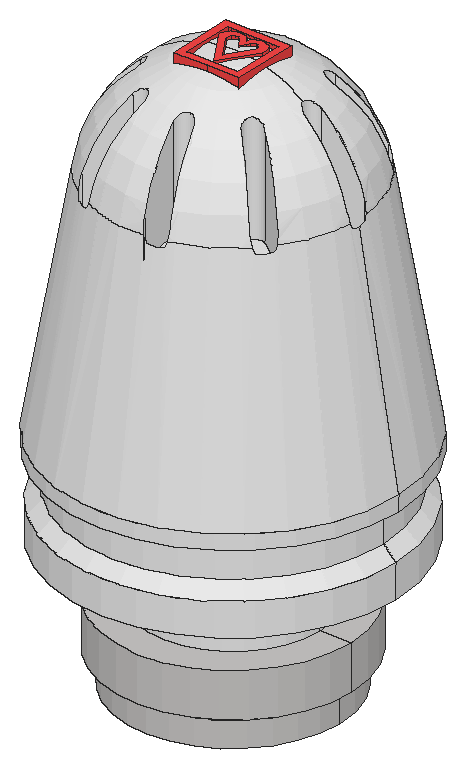
Revit family "HERZ-Thermostatkopf MINI GS M28x1.5 9200 06", category Rohrzubehör, Revit 2021
Family settings
  Bemaßung runder Anschluss = Durchmesser verwenden
  Teiletyp = Normal
  OmniClass-Nummer = 23.65.55.14
  OmniClass-Titel = Valves for Liquid Services
  Arbeitsebenenbasiert = Nein
  Immer vertikal = Nein
  Beim Laden mit Abzugskörper schneiden = Nein
  Gemeinsam genutzt = Nein
Parameters
  Vorgabe-Ansicht = 0 mm
  URL = "www.herz-armaturen.at"
  Thermostatkopf = "Kunststoff, weiß"  # constant formula
  Sollwertbereich = "6-28°C"  # constant formula
  S02 = 60 mm  # constant formula
  S01 = 73 mm  # constant formula
  Nullstellung = "Heizkörperthermostat mit Flüssigkeitsfühler (Hydrosensor) mit Stellung „0“, Frostsicherung einstellbar, mit Begrenzung und Blockierung des Sollwertbereiches."
  Hersteller = "HERZ Armaturen Ges.m.b.H."  # constant formula
  Funktionsweise = "Der HERZ-Thermostat dient als Fühl- und Regelelement. Durch die Volumsänderung der Flüssigkeitsfüllung im HERZ-Hydrosensor wird die Schubspindel des Ventils bewegt."
  Frostsicherung bei = 6 °C  # constant formula
  Sollwertbereich Frostsicherung = "6-28°C"  # constant formula
  Frostsicherung = "Heizkörperthermostat  mit  Flüssigkeitsfühler  (Hydrosensor)  mit  automatischer  Frostsicherung  und  Be-grenzung und Blockierung des Sollwertbereiches."
  Bestellnummer = 1920006  # constant formula
  Anwendungen = "Zur Montage auf Ventilen, die für thermostatischen Betrieb eingerichtet sind.Artikelnummern, Dimensionen und Lieferform der HERZ Ventile sind den jeweiligen Produktnormblättern zu entnehmen."
Reference planes
  plane 1 "Mitte (Vorne/hinten)": y = 0
  plane 2: z = 0
  plane 3 "Mitte (Links/rechts)": x = 0
Forms (mm)
  Revolve 1, solid, material "Kunststoff weiß", detail levels fine
    sketch origin (0, 0, 0) x (1, 0, 0) y (0, 0, 1)
      loop
        line (0, 0) -> (0, 73)
        arc (0, 73) -> (-11.397, 68.78) -> (-17.297, 58.156) r 17.5
        arc (-17.297, 58.156) -> (-20.011, 42.065) -> (-22.88, 26) r 1681.293
        line (-22.88, 26) -> (-22.88, 24) -> (-20.75, 24) -> (-20.75, 19.25) -> (-22.5, 17.5) -> (-22.5, 13) -> (-12.8, 13)
        arc (-12.8, 13) -> (-12.234, 12.766) -> (-12, 12.2) r 0.8
        line (-12, 12.2) -> (-12, 4.8) -> (-13.2, 4.8) -> (-13.2, 0) -> (0, 0)
      axis (0, 73) -> (0, 0)
    angle from 0 to 360
  Revolve 2, solid, material "Messing verzinkt", detail levels fine
    sketch origin (0, 0, 0) x (1, 0, 0) y (0, 0, 1)
      loop
        line (0, 0) -> (0, 5.5) -> (-16.35, 5.5) -> (-16.35, -0.576) -> (-14.75, -1.5) -> (-14.75, -5) -> (-13.35, -5) -> (-13.35, 0) -> (0, 0)
      axis (0, 5.5) -> (0, -5)
    angle from 0 to 360
  Extrusion 3, void
    sketch origin (0, 0, 0) x (1, 0, 0) y (0, 1, 0)
      loop
        arc (11.027, 1.298) -> (9.8, 0) -> (11.027, -1.298) r 1.3
        line (11.027, -1.298) -> (16.77, -1.62)
        arc (16.77, -1.62) -> (17.178, -1.485) -> (17.384, -1.107) r 0.586
        arc (17.384, -1.107) -> (17.453, 0.011) -> (17.382, 1.129) r 9
        arc (17.382, 1.129) -> (17.183, 1.492) -> (16.79, 1.621) r 0.564
        line (16.79, 1.621) -> (11.027, 1.298)
      loop
        line (9.282, 6.094) -> (13.904, 9.55)
        arc (13.904, 9.55) -> (14.121, 9.902) -> (14.04, 10.308) r 0.564
        arc (14.04, 10.308) -> (13.376, 11.21) -> (12.605, 12.023) r 9
        arc (12.605, 12.023) -> (12.205, 12.18) -> (11.805, 12.021) r 0.586
        line (11.805, 12.021) -> (7.613, 8.082)
        arc (7.613, 8.082) -> (7.507, 6.299) -> (9.282, 6.094) r 1.3
      loop
        arc (0.637, 11.085) -> (1.702, 9.651) -> (3.193, 10.634) r 1.3
        line (3.193, 10.634) -> (4.508, 16.234)
        arc (4.508, 16.234) -> (4.445, 16.659) -> (4.109, 16.928) r 0.586
        arc (4.109, 16.928) -> (3.02, 17.189) -> (1.907, 17.313) r 9
        arc (1.907, 17.313) -> (1.515, 17.181) -> (1.319, 16.816) r 0.564
        line (1.319, 16.816) -> (0.637, 11.085)
      loop
        line (-4.39, 10.199) -> (-6.991, 15.351)
        arc (-6.991, 15.351) -> (-7.3, 15.626) -> (-7.713, 15.617) r 0.564
        arc (-7.713, 15.617) -> (-8.717, 15.12) -> (-9.651, 14.501) r 9
        arc (-9.651, 14.501) -> (-9.875, 14.134) -> (-9.788, 13.713) r 0.586
        line (-9.788, 13.713) -> (-6.638, 8.901)
        arc (-6.638, 8.901) -> (-4.9, 8.487) -> (-4.39, 10.199) r 1.3
      loop
        arc (-10.806, 2.552) -> (-9.209, 3.352) -> (-9.918, 4.991) r 1.3
        line (-9.918, 4.991) -> (-15.204, 7.258)
        arc (-15.204, 7.258) -> (-15.634, 7.271) -> (-15.957, 6.986) r 0.586
        arc (-15.957, 6.986) -> (-16.404, 5.959) -> (-16.719, 4.884) r 9
        arc (-16.719, 4.884) -> (-16.657, 4.475) -> (-16.332, 4.219) r 0.564
        line (-16.332, 4.219) -> (-10.806, 2.552)
      loop
        line (-10.806, -2.552) -> (-16.332, -4.219)
        arc (-16.332, -4.219) -> (-16.657, -4.475) -> (-16.719, -4.884) r 0.564
        arc (-16.719, -4.884) -> (-16.404, -5.959) -> (-15.957, -6.986) r 9
        arc (-15.957, -6.986) -> (-15.634, -7.271) -> (-15.204, -7.258) r 0.586
        line (-15.204, -7.258) -> (-9.918, -4.991)
        arc (-9.918, -4.991) -> (-9.209, -3.352) -> (-10.806, -2.552) r 1.3
      loop
        arc (9.282, -6.094) -> (7.507, -6.299) -> (7.613, -8.082) r 1.3
        line (7.613, -8.082) -> (11.805, -12.021)
        arc (11.805, -12.021) -> (12.205, -12.18) -> (12.605, -12.023) r 0.586
        arc (12.605, -12.023) -> (13.376, -11.21) -> (14.04, -10.308) r 9
        arc (14.04, -10.308) -> (14.121, -9.902) -> (13.904, -9.55) r 0.564
        line (13.904, -9.55) -> (9.282, -6.094)
      loop
        line (0.637, -11.085) -> (1.319, -16.816)
        arc (1.319, -16.816) -> (1.515, -17.181) -> (1.907, -17.313) r 0.564
        arc (1.907, -17.313) -> (3.02, -17.189) -> (4.109, -16.928) r 9
        arc (4.109, -16.928) -> (4.445, -16.659) -> (4.508, -16.234) r 0.586
        line (4.508, -16.234) -> (3.193, -10.634)
        arc (3.193, -10.634) -> (1.702, -9.651) -> (0.637, -11.085) r 1.3
      loop
        arc (-4.39, -10.199) -> (-4.9, -8.487) -> (-6.638, -8.901) r 1.3
        line (-6.638, -8.901) -> (-9.788, -13.713)
        arc (-9.788, -13.713) -> (-9.875, -14.134) -> (-9.651, -14.501) r 0.586
        arc (-9.651, -14.501) -> (-8.717, -15.12) -> (-7.713, -15.617) r 9
        arc (-7.713, -15.617) -> (-7.3, -15.626) -> (-6.991, -15.351) r 0.564
        line (-6.991, -15.351) -> (-4.39, -10.199)
    from 55 to 73
Cuts and joins
  Extrusion 3 cuts Revolve 1
Lines and regions (mm)
  model lines, detail levels coarse+medium
    curve 1: line (0, 0, 0) -> (0, 0, 13)
    curve 2: line (0, -0.017, 0) -> (0, 13, 0)
    curve 3: circle (0, 0, 43) r 30 normal (0, -1, 0)
    curve 4: circle (0, 0, 43) r 30 normal (1, 0, 0)
    curve 5: line (0, 0, 23) -> (0, 0, 63)
    curve 6: line (0, 17.5, 63) -> (0, -17.5, 63)
    curve 7: line (-17.5, 0, 63) -> (17.5, 0, 63)
    curve 8: circle (0, 43, 0) r 30 normal (0, 0, 1)
    curve 9: line (0, 23, 0) -> (0, 63, 0)
    curve 10: line (-17.5, 63, 0) -> (17.5, 63, 0)
Dimensions and locks
  "S01": curve 4 to plane 2
  "S01": curve 3 to plane 2
  "S01": plane 1 "Mitte (Vorne/hinten)" to curve 8
  "S02": diameter of curve 3
  "S02": diameter of curve 4
  "S02": diameter of curve 8
  aligned and locked: level to plane 2
Automatic sketch dimensions
  Revolve 1 sketch curve to level = 0 mm
  Revolve 1 sketch curve to plane 3 "Mitte (Links/rechts)" = 0 mm  (x2)
  Revolve 1 sketch curve to plane 3 "Mitte (Links/rechts)" = 12 mm
  Revolve 1 sketch curve to Revolve 1 sketch curve = 0.8 mm
  Revolve 1 sketch curve to Revolve 1 sketch curve = 1.2 mm
  Revolve 1 sketch curve to Revolve 1 sketch curve = 7.95 mm
  Revolve 1 sketch curve to Revolve 1 sketch curve = 1.75 mm  (x2)
  Revolve 1 sketch curve to Revolve 1 sketch curve = 2.13 mm
  level to Revolve 1 sketch curve = 329.658 mm
  Revolve 1 sketch curve to plane 3 "Mitte (Links/rechts)" = 1676.524 mm
  level to Revolve 1 sketch curve = 4.8 mm
  Revolve 1 sketch curve to Revolve 1 sketch curve = 7.4 mm
  Revolve 1 sketch curve to Revolve 1 sketch curve = 4.5 mm
  Revolve 1 sketch curve to Revolve 1 sketch curve = 4.75 mm
  Revolve 1 sketch curve to Revolve 1 sketch curve = 2 mm
  Revolve 1 sketch curve to Revolve 1 sketch curve = 29.5 mm
  Revolve 1 sketch curve to Revolve 1 sketch curve = 17.5 mm
  Revolve 1 sketch curve to level = 366.045 mm
  Revolve 1 sketch curve to Revolve 1 sketch curve = 2141.315 mm
  Revolve 2 sketch curve to level = 0 mm
  Revolve 2 sketch curve to plane 3 "Mitte (Links/rechts)" = 0 mm  (x2)
  Revolve 2 sketch curve to level = 5 mm
  Revolve 2 sketch curve to plane 3 "Mitte (Links/rechts)" = 13.35 mm
  Revolve 2 sketch curve to Revolve 2 sketch curve = 1.4 mm
  Revolve 2 sketch curve to level = 0.576 mm
  Revolve 2 sketch curve to Revolve 2 sketch curve = 1.6 mm
  Revolve 2 sketch curve to level = 1.5 mm
  level to Revolve 2 sketch curve = 5.5 mm
  Revolve 2 sketch curve to Revolve 2 sketch curve = 361.045 mm
  Revolve 2 sketch curve to Revolve 2 sketch curve = 2208.815 mm
  plane 1 "Mitte (Vorne/hinten)" to Extrusion 3 sketch curve = 0 mm  (x2)
  Extrusion 3 sketch curve to plane 1 "Mitte (Vorne/hinten)" = 4.219 mm
  Extrusion 3 sketch curve to plane 3 "Mitte (Links/rechts)" = 16.332 mm
  plane 1 "Mitte (Vorne/hinten)" to Extrusion 3 sketch curve = 4.219 mm
  Extrusion 3 sketch curve to Extrusion 3 sketch curve = 0 mm  (x11)
  Extrusion 3 sketch curve to Extrusion 3 sketch curve = 0.163 mm  (x2)
  Extrusion 3 sketch curve to Extrusion 3 sketch curve = 0.734 mm  (x2)
  plane 1 "Mitte (Vorne/hinten)" to Extrusion 3 sketch curve = 7.258 mm
  Extrusion 3 sketch curve to Extrusion 3 sketch curve = 0.231 mm  (x2)
  Extrusion 3 sketch curve to plane 1 "Mitte (Vorne/hinten)" = 7.258 mm
  plane 1 "Mitte (Vorne/hinten)" to Extrusion 3 sketch curve = 2.552 mm
  Extrusion 3 sketch curve to Extrusion 3 sketch curve = 5.526 mm
  Extrusion 3 sketch curve to plane 1 "Mitte (Vorne/hinten)" = 2.552 mm
  Extrusion 3 sketch curve to Extrusion 3 sketch curve = 0.375 mm  (x2)
  Extrusion 3 sketch curve to Extrusion 3 sketch curve = 0.512 mm  (x2)
  Extrusion 3 sketch curve to Extrusion 3 sketch curve = 5.416 mm  (x2)
  Extrusion 3 sketch curve to Extrusion 3 sketch curve = 0.49 mm  (x2)
  Extrusion 3 sketch curve to Extrusion 3 sketch curve = 2.488 mm  (x2)
  Extrusion 3 sketch curve to Extrusion 3 sketch curve = 1.803 mm  (x2)
  Extrusion 3 sketch curve to Extrusion 3 sketch curve = 0.504 mm  (x2)
  Extrusion 3 sketch curve to Extrusion 3 sketch curve = 3.281 mm  (x2)
  Extrusion 3 sketch curve to Extrusion 3 sketch curve = 1.088 mm  (x2)
  Extrusion 3 sketch curve to Extrusion 3 sketch curve = 1.16 mm  (x2)
  Extrusion 3 sketch curve to Extrusion 3 sketch curve = 1.324 mm  (x2)
  plane 3 "Mitte (Links/rechts)" to Extrusion 3 sketch curve = 0.637 mm  (x2)
  plane 3 "Mitte (Links/rechts)" to Extrusion 3 sketch curve = 1.319 mm  (x2)
  plane 3 "Mitte (Links/rechts)" to Extrusion 3 sketch curve = 1.468 mm  (x2)
  Extrusion 3 sketch curve to Extrusion 3 sketch curve = 0.561 mm  (x2)
  Extrusion 3 sketch curve to Extrusion 3 sketch curve = 1.291 mm  (x2)
  Extrusion 3 sketch curve to Extrusion 3 sketch curve = 1.266 mm  (x2)
  Extrusion 3 sketch curve to Extrusion 3 sketch curve = 2.058 mm  (x2)
  Extrusion 3 sketch curve to Extrusion 3 sketch curve = 0.57 mm  (x2)
  Extrusion 3 sketch curve to Extrusion 3 sketch curve = 5.007 mm  (x2)
  Extrusion 3 sketch curve to Extrusion 3 sketch curve = 1.138 mm  (x2)
  Extrusion 3 sketch curve to Extrusion 3 sketch curve = 1.978 mm
  Extrusion 3 sketch curve to Extrusion 3 sketch curve = 0.89 mm  (x2)
  Extrusion 3 sketch curve to Extrusion 3 sketch curve = 0.779 mm  (x2)
  plane 1 "Mitte (Vorne/hinten)" to Extrusion 3 sketch curve = 1.298 mm
  Extrusion 3 sketch curve to Extrusion 3 sketch curve = 2.575 mm
  Extrusion 3 sketch curve to Extrusion 3 sketch curve = 0.073 mm
  Extrusion 3 sketch curve to Extrusion 3 sketch curve = 4.192 mm  (x2)
  Extrusion 3 sketch curve to Extrusion 3 sketch curve = 0.401 mm  (x2)
  Extrusion 3 sketch curve to Extrusion 3 sketch curve = 1.36 mm  (x2)
  Extrusion 3 sketch curve to Extrusion 3 sketch curve = 0.338 mm  (x2)
  plane 1 "Mitte (Vorne/hinten)" to Extrusion 3 sketch curve = 1.62 mm
  Extrusion 3 sketch curve to Extrusion 3 sketch curve = 5.743 mm
  Extrusion 3 sketch curve to plane 1 "Mitte (Vorne/hinten)" = 1.621 mm
  Extrusion 3 sketch curve to Extrusion 3 sketch curve = 0.02 mm
  Extrusion 3 sketch curve to Extrusion 3 sketch curve = 0.033 mm
  Extrusion 3 sketch curve to Extrusion 3 sketch curve = 0.032 mm
  plane 1 "Mitte (Vorne/hinten)" to Extrusion 3 sketch curve = 7.32 mm
  Extrusion 3 sketch curve to Extrusion 3 sketch curve = 6.784 mm
  Extrusion 3 sketch curve to Extrusion 3 sketch curve = 1.004 mm
  Extrusion 3 sketch curve to Extrusion 3 sketch curve = 1.581 mm  (x2)
  Extrusion 3 sketch curve to Extrusion 3 sketch curve = 1.468 mm
  Extrusion 3 sketch curve to Extrusion 3 sketch curve = 0.712 mm  (x2)
  Extrusion 3 sketch curve to Extrusion 3 sketch curve = 0.452 mm  (x2)
  Extrusion 3 sketch curve to Extrusion 3 sketch curve = 2.31 mm  (x2)
  Extrusion 3 sketch curve to Extrusion 3 sketch curve = 0.297 mm  (x2)
  Extrusion 3 sketch curve to Extrusion 3 sketch curve = 1.591 mm  (x2)
  Extrusion 3 sketch curve to Extrusion 3 sketch curve = 0.427 mm  (x2)
  Extrusion 3 sketch curve to Extrusion 3 sketch curve = 4.812 mm  (x2)
  Extrusion 3 sketch curve to Extrusion 3 sketch curve = 0.321 mm  (x2)
  Extrusion 3 sketch curve to Extrusion 3 sketch curve = 1.063 mm  (x2)
  Extrusion 3 sketch curve to Extrusion 3 sketch curve = 0.254 mm  (x2)
  Extrusion 3 sketch curve to Extrusion 3 sketch curve = 5.599 mm  (x2)
  Extrusion 3 sketch curve to Extrusion 3 sketch curve = 0.134 mm  (x2)
  Extrusion 3 sketch curve to Extrusion 3 sketch curve = 0.382 mm  (x2)
  Extrusion 3 sketch curve to Extrusion 3 sketch curve = 0.067 mm  (x2)
  Extrusion 3 sketch curve to Extrusion 3 sketch curve = 0.947 mm
  Extrusion 3 sketch curve to Extrusion 3 sketch curve = 0.539 mm  (x2)
  Extrusion 3 sketch curve to Extrusion 3 sketch curve = 1.702 mm
  Extrusion 3 sketch curve to Extrusion 3 sketch curve = 2.439 mm
  Extrusion 3 sketch curve to Extrusion 3 sketch curve = 0.54 mm  (x2)
  Extrusion 3 sketch curve to Extrusion 3 sketch curve = 0.905 mm
  Extrusion 3 sketch curve to Extrusion 3 sketch curve = 0.585 mm
  Extrusion 3 sketch curve to Extrusion 3 sketch curve = 0.564 mm
  Extrusion 3 sketch curve to Extrusion 3 sketch curve = 0.339 mm
  Extrusion 3 sketch curve to Extrusion 3 sketch curve = 1.245 mm
  Extrusion 3 sketch curve to plane 1 "Mitte (Vorne/hinten)" = 5.433 mm
  Extrusion 3 sketch curve to Extrusion 3 sketch curve = 0.661 mm
  Extrusion 3 sketch curve to Extrusion 3 sketch curve = 1.041 mm
  Extrusion 3 sketch curve to Extrusion 3 sketch curve = 4.429 mm
  Extrusion 3 sketch curve to Extrusion 3 sketch curve = 2.891 mm
  Extrusion 3 sketch curve to Extrusion 3 sketch curve = 3.456 mm
  Extrusion 3 sketch curve to plane 1 "Mitte (Vorne/hinten)" = 1.298 mm  (x2)
  curve 5 to plane 1 "Mitte (Vorne/hinten)" = 0 mm
  curve 4 to plane 1 "Mitte (Vorne/hinten)" = 0 mm
  plane 1 "Mitte (Vorne/hinten)" to curve 6 = 17.5 mm
  curve 5 to curve 6 = 17.5 mm
  curve 5 to curve 4 = 20 mm
  curve 4 to curve 6 = 20 mm
  curve 3 to plane 3 "Mitte (Links/rechts)" = 0 mm
  curve 1 to plane 3 "Mitte (Links/rechts)" = 0 mm
  curve 1 to level = 0 mm
  curve 7 to plane 3 "Mitte (Links/rechts)" = 17.5 mm
  plane 3 "Mitte (Links/rechts)" to curve 7 = 17.5 mm
  curve 3 to curve 7 = 20 mm
  curve 8 to plane 3 "Mitte (Links/rechts)" = 0 mm
  curve 9 to plane 3 "Mitte (Links/rechts)" = 0 mm
  curve 2 to plane 3 "Mitte (Links/rechts)" = 0 mm
  curve 10 to curve 9 = 17.5 mm
  plane 3 "Mitte (Links/rechts)" to curve 10 = 17.5 mm
  plane 1 "Mitte (Vorne/hinten)" to curve 2 = 0.017 mm
  curve 2 to curve 9 = 10 mm
  curve 8 to curve 10 = 20 mm
Nested families
  nested 1: "Herz-Logo" at (0, 0, 71.5), type "Herz-Logo", detail levels fine
Definition of nested family "Herz-Logo"
  Parameters (values of type "Herz-Logo")
    Default Elevation = 0 mm
  Reference planes
    plane 1 "Mitte (Vorne/hinten)": y = 0
    plane 2: z = 0
    plane 3 "Mitte (Links/rechts)": x = 0
  Forms (mm)
    Extrusion 1, solid
      sketch origin (0, 0, 0) x (1, 0, 0) y (0, 1, 0)
        loop
          line (-0.018, -4.517) -> (4.482, -4.517) -> (4.482, 4.483) -> (-4.518, 4.483) -> (-4.518, -4.517) -> (-0.018, -4.517)
        loop
          line (-0.05, -3.48) -> (3.482, -3.48) -> (3.482, 3.483) -> (-3.518, 3.483) -> (-3.518, -3.48) -> (-0.05, -3.48)
        loop
          arc (-0.018, 2.383) -> (-1.543, 3.287) -> (-3.067, 2.383) r 1.738
          arc (-3.067, 2.383) -> (-3.191, 1.899) -> (-3.067, 1.415) r 1.009
          line (-3.067, 1.415) -> (-0.018, -3.281) -> (3.032, 1.415)
          arc (3.032, 1.415) -> (3.156, 1.899) -> (3.032, 2.383) r 1.009
          arc (3.032, 2.383) -> (1.507, 3.287) -> (-0.018, 2.383) r 1.738
        loop
          arc (1.885, 1.272) -> (2.005, 1.675) -> (1.885, 2.079) r 0.74
          arc (1.885, 2.079) -> (1.265, 2.416) -> (0.644, 2.079) r 0.74
          line (0.644, 2.079) -> (-0.018, 0.97) -> (-0.679, 2.079)
          arc (-0.679, 2.079) -> (-1.3, 2.416) -> (-1.921, 2.079) r 0.74
          arc (-1.921, 2.079) -> (-2.04, 1.675) -> (-1.921, 1.272) r 0.74
          line (-1.921, 1.272) -> (-0.018, -1.658) -> (1.885, 1.272)
      from 0 to 1.5
  Dimensions and locks
    aligned and locked: level to plane 2
